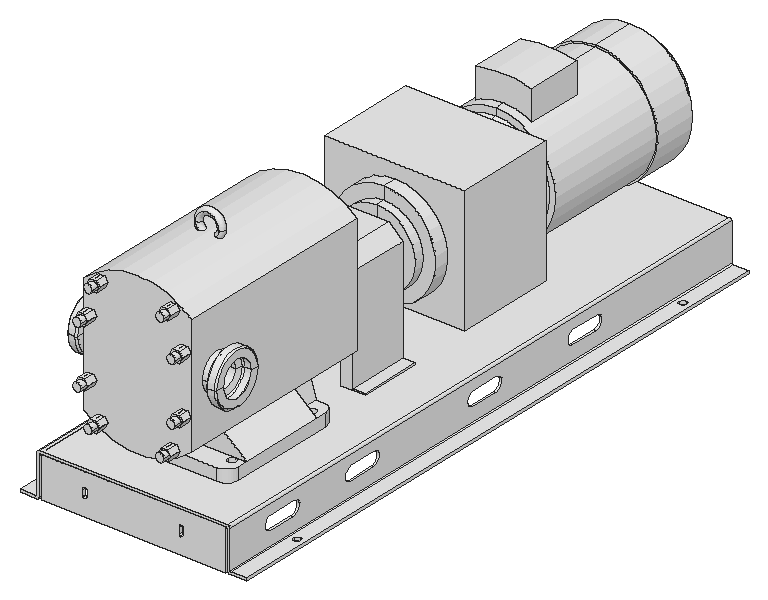
Revit family "MLP 80 - MR472 - Lobe Pump", category Specialty Equipment, Revit 2022
Family settings
  Round Connector Dimension = Use Diameter
  Part Type = Normal
  Work Plane-Based = No
  Always vertical = Yes
  Cut with Voids When Loaded = No
  Maintain Annotation Orientation = No
  Shared = No
  Room Calculation Point = No
Parameters (values of type "MLP 80 - MR472")
  URL = "https://en.ekinendustriyel.com/lobe-pumps/lobe-pumps"
  Pressure = 15.0 bar  # constant formula
  Motor Power = 15 kW  # constant formula
  Model = "MLP-80-TUL - MR472"
  Manufacturer = "Ekin Endüstriyel"
  Keynote = "Lobe Pump"
  Flow = 40.0 m³/h  # constant formula
  Description = "MIT MLP 80 - Lobe Pump"
  Default Elevation = 0 mm
Reference planes
  plane 1 "Center (Front/Back)": y = 0
  plane 2: z = 0
  plane 3 "Center (Left/Right)": x = -884.748
Forms (mm)
  Extrusion 1, solid, material "Ekin Endüstriyel_StainlesSteel"
    sketch origin (0, 0, 0) x (1, 0, 0) y (0, 0, 1)
      loop
        line (-996.247, 346.711) -> (-996.247, 101.086)
        arc (-996.247, 101.086) -> (-884.747, 58.329) -> (-773.247, 101.086) r 166.761
        line (-773.247, 101.086) -> (-773.247, 346.711)
        arc (-773.247, 346.711) -> (-884.747, 390.131) -> (-996.247, 346.711) r 164.871
    from 0 to -428.2
  Sweep 2, solid, material "Ekin Endüstriyel_StainlesSteel"
    path origin (0, 0, 0) x (1, 0, 0) y (0, 0, 1)
      loop
        circle (-884.748, 403.317) r 30.936
    profile origin (-884.748, 0, 372.381) x (0, 0, 1) y (0, -1, 0)
      loop
        circle (7, -188.264) r 7
  Extrusion 3, solid, material "Ekin Endüstriyel_StainlesSteel", detail levels coarse
    sketch origin (-884.748, 0, 0) x (0, 1, 0) y (0, 0, 1)
      loop
        circle (65.098, 223.898) r 55
    from 111.501 to 154.598
  Extrusion 4, solid, material "Ekin Endüstriyel_StainlesSteel", detail levels medium
    sketch origin (-884.748, 0, 0) x (0, 1, 0) y (0, 0, 1)
      loop
        circle (65.098, 223.898) r 55
      loop
        circle (65.098, 223.898) r 36
    from 111.501 to 154.598
  Revolve 5, solid, material "Ekin Endüstriyel_StainlesSteel", detail levels fine
    sketch origin (0, 0, 223.898) x (1, 0, 0) y (0, 1, 0)
      loop
        line (-730.15, 117.063) -> (-733.185, 120.098) -> (-747.257, 120.098) -> (-750.763, 117.156) -> (-752.708, 106.124)
        arc (-752.708, 106.124) -> (-753.905, 104.051) -> (-756.155, 103.232) r 3.5
        line (-756.155, 103.232) -> (-773.247, 103.232) -> (-773.247, 90.657) -> (-753.574, 90.657) -> (-750.765, 101.923) -> (-747.147, 104.012) -> (-733.289, 104.012) -> (-730.15, 101.814) -> (-730.15, 117.063)
      axis (-773.247, 65.098) -> (-730.15, 65.098)
    angle from 0 to 360
  Extrusion 6, solid, material "Ekin Endüstriyel_StainlesSteel"
    sketch origin (0, 0, 0) x (1, 0, 0) y (0, 1, 0)
      loop
        line (-976.497, 91.114) -> (-792.997, 91.114)
        arc (-792.997, 91.114) -> (-775.32, 98.437) -> (-767.997, 116.114) r 25
        line (-767.997, 116.114) -> (-767.997, 341.114)
        arc (-767.997, 341.114) -> (-775.32, 358.792) -> (-792.997, 366.114) r 25
        line (-792.997, 366.114) -> (-976.497, 366.114)
        arc (-976.497, 366.114) -> (-994.175, 358.792) -> (-1001.497, 341.114) r 25
        line (-1001.497, 341.114) -> (-1001.497, 116.114)
        arc (-1001.497, 116.114) -> (-994.175, 98.437) -> (-976.497, 91.114) r 25
    from 0 to 25.35
  Extrusion 7, solid, material "Ekin Endüstriyel_StainlesSteel"
    sketch origin (0, 0, 0) x (1, 0, 0) y (0, 0, 1)
      loop
        line (-1001.497, 25.35) -> (-767.997, 25.35) -> (-823.241, 70.086)
        arc (-823.241, 70.086) -> (-884.747, 58.329) -> (-946.253, 70.086) r 166.761
        line (-946.253, 70.086) -> (-1001.497, 25.35)
    from -319.675 to -135.888
  Extrusion 8, solid, material "Ekin Endüstriyel_StainlesSteel"
    sketch origin (0, 0, 0) x (1, 0, 0) y (0, 0, 1)
      loop
        line (-807.997, 25.35) -> (-820.094, 67.537) -> (-823.241, 70.086)
        arc (-823.241, 70.086) -> (-884.747, 58.329) -> (-946.253, 70.086) r 166.761
        line (-946.253, 70.086) -> (-949.4, 67.537) -> (-961.497, 25.35) -> (-807.997, 25.35)
    from -366.114 to -173.027
  Extrusion 9, void
    sketch origin (0, 0, 0) x (1, 0, 0) y (0, 1, 0)
      loop
        circle (-981.247, 124.701) r 9
      loop
        circle (-981.247, 332.528) r 9
      loop
        circle (-788.249, 124.701) r 9
      loop
        circle (-788.249, 332.528) r 9
    from 0 to 39.733
  Extrusion 10, solid, material "Ekin Endüstriyel_StainlesSteel", detail levels coarse
    sketch origin (-884.748, 0, 0) x (0, 1, 0) y (0, 0, -1)
      loop
        circle (65.098, -223.898) r 55
    from 111.501 to 154.598
  Extrusion 11, solid, material "Ekin Endüstriyel_StainlesSteel", detail levels medium
    sketch origin (-884.748, 0, 0) x (0, 1, 0) y (0, 0, -1)
      loop
        circle (65.098, -223.898) r 55
      loop
        circle (65.098, -223.898) r 36
    from 111.501 to 154.598
  Revolve 12, solid, material "Ekin Endüstriyel_StainlesSteel", detail levels fine
    sketch origin (-1769.496, 0, 223.898) x (-1, 0, 0) y (0, -1, 0)
      loop
        line (-730.15, -117.063) -> (-730.15, -101.814) -> (-733.289, -104.012) -> (-747.147, -104.012) -> (-750.765, -101.923) -> (-753.574, -90.657) -> (-773.247, -90.657) -> (-773.247, -103.232) -> (-756.155, -103.232)
        arc (-756.155, -103.232) -> (-753.905, -104.051) -> (-752.708, -106.124) r 3.5
        line (-752.708, -106.124) -> (-750.763, -117.156) -> (-747.257, -120.098) -> (-733.185, -120.098) -> (-730.15, -117.063)
      axis (-773.247, -65.098) -> (-730.15, -65.098)
    angle from 0 to 360
  Extrusion 13, solid, material "Ekin Endüstriyel_StainlesSteel", detail levels medium+fine
    sketch origin (0, 0, 0) x (1, 0, 0) y (0, 0, 1)
      loop
        line (-946.565, 354.5) -> (-952.906, 365.484) -> (-965.589, 365.484) -> (-971.931, 354.5) -> (-965.589, 343.517) -> (-952.906, 343.517) -> (-946.565, 354.5)
      loop
        line (-969.741, 283.984) -> (-976.083, 294.968) -> (-988.766, 294.968) -> (-995.107, 283.984) -> (-988.766, 273) -> (-976.083, 273) -> (-969.741, 283.984)
      loop
        circle (-959.257, 354.516) r 8.514
      loop
        circle (-982.434, 284) r 8.514
      loop
        line (-822.931, 354.5) -> (-816.59, 343.517) -> (-803.907, 343.517) -> (-797.565, 354.5) -> (-803.907, 365.484) -> (-816.59, 365.484) -> (-822.931, 354.5)
      loop
        line (-799.755, 283.984) -> (-793.413, 273) -> (-780.73, 273) -> (-774.389, 283.984) -> (-780.73, 294.968) -> (-793.413, 294.968) -> (-799.755, 283.984)
      loop
        circle (-810.238, 354.516) r 8.514
      loop
        circle (-787.062, 284) r 8.514
      loop
        line (-946.565, 93.296) -> (-952.906, 104.28) -> (-965.589, 104.28) -> (-971.931, 93.296) -> (-965.589, 82.313) -> (-952.906, 82.313) -> (-946.565, 93.296)
      loop
        line (-969.741, 163.813) -> (-976.083, 174.797) -> (-988.766, 174.797) -> (-995.107, 163.813) -> (-988.766, 152.829) -> (-976.083, 152.829) -> (-969.741, 163.813)
      loop
        circle (-959.257, 93.281) r 8.514
      loop
        circle (-982.434, 163.797) r 8.514
      loop
        line (-822.931, 93.296) -> (-816.59, 82.313) -> (-803.907, 82.313) -> (-797.565, 93.296) -> (-803.907, 104.28) -> (-816.59, 104.28) -> (-822.931, 93.296)
      loop
        line (-799.755, 163.813) -> (-793.413, 152.829) -> (-780.73, 152.829) -> (-774.389, 163.813) -> (-780.73, 174.797) -> (-793.413, 174.797) -> (-799.755, 163.813)
      loop
        circle (-810.238, 93.281) r 8.514
      loop
        circle (-787.062, 163.797) r 8.514
    from 0 to 21.863
  Extrusion 14, solid, material "Ekin Endüstriyel_StainlesSteel"
    sketch origin (0, 0, 0) x (1, 0, 0) y (0, 0, 1)
      loop
        circle (-959.257, 354.516) r 8.514
      loop
        circle (-982.434, 284) r 8.514
      loop
        circle (-810.238, 354.516) r 8.514
      loop
        circle (-787.062, 284) r 8.514
      loop
        circle (-959.257, 93.281) r 8.514
      loop
        circle (-982.434, 163.797) r 8.514
      loop
        circle (-810.238, 93.281) r 8.514
      loop
        circle (-787.062, 163.797) r 8.514
    from 0 to 34.94
  Extrusion 15, solid, material "Ekin Endüstriyel_StainlesSteel"
    sketch origin (0, 428.2, 0) x (-1, 0, 0) y (0, 0, 1)
      loop
        circle (884.93, 164.108) r 21
    from 0 to 75.746
  Extrusion 16, solid, material "Ekin Endüstriyel_StainlesSteel", detail levels medium+fine
    sketch origin (-884.754, 277.832, 0) x (-1, 0, 0) y (0, 0, 1)
      loop
        line (234.987, -85) -> (201.994, -85)
        arc (201.994, -85) -> (200.58, -84.414) -> (199.994, -83) r 2
        line (199.994, -83) -> (199.994, -5)
        arc (199.994, -5) -> (198.53, -1.464) -> (194.994, 0) r 5
        line (194.994, 0) -> (-195.006, 0)
        arc (-195.006, 0) -> (-198.541, -1.464) -> (-200.006, -5) r 5
        line (-200.006, -5) -> (-200.006, -83)
        arc (-200.006, -83) -> (-200.592, -84.414) -> (-202.006, -85) r 2
        line (-202.006, -85) -> (-235.013, -85) -> (-235.013, -90) -> (-200.006, -90)
        arc (-200.006, -90) -> (-196.47, -88.536) -> (-195.006, -85) r 5
        line (-195.006, -85) -> (-195.006, -7)
        arc (-195.006, -7) -> (-194.42, -5.586) -> (-193.006, -5) r 2
        line (-193.006, -5) -> (192.994, -5)
        arc (192.994, -5) -> (194.408, -5.586) -> (194.994, -7) r 2
        line (194.994, -7) -> (194.994, -85)
        arc (194.994, -85) -> (196.459, -88.536) -> (199.994, -90) r 5
        line (199.994, -90) -> (234.987, -90) -> (234.987, -85)
    from -288.321 to 1011.679
  Extrusion 17, void
    sketch origin (-684.748, 277.832, -5) x (0, 0, -1) y (0, 1, 0)
      loop
        line (20, -123.321) -> (20, -183.321)
        arc (20, -183.321) -> (35, -198.321) -> (50, -183.321) r 15
        line (50, -183.321) -> (50, -123.321)
        arc (50, -123.321) -> (35, -108.321) -> (20, -123.321) r 15
      loop
        arc (20, 24.679) -> (35, 9.679) -> (50, 24.679) r 15
        line (50, 24.679) -> (50, 84.679)
        arc (50, 84.679) -> (35, 99.679) -> (20, 84.679) r 15
        line (20, 84.679) -> (20, 24.679)
      loop
        line (20, 401.579) -> (20, 341.579)
        arc (20, 341.579) -> (35, 326.579) -> (50, 341.579) r 15
        line (50, 341.579) -> (50, 401.579)
        arc (50, 401.579) -> (35, 416.579) -> (20, 401.579) r 15
      loop
        arc (20, 601.579) -> (35, 586.579) -> (50, 601.579) r 15
        line (50, 601.579) -> (50, 661.579)
        arc (50, 661.579) -> (35, 676.579) -> (20, 661.579) r 15
        line (20, 661.579) -> (20, 601.579)
    from 0 to -400
  Extrusion 18, solid, material "Ekin Endüstriyel_StainlesSteel", detail levels medium+fine
    sketch origin (-884.754, 924.582, 0) x (1, 0, 0) y (0, 0, 1)
      loop
        line (-190.994, -90) -> (191.006, -90) -> (191.006, -5) -> (-190.994, -5) -> (-190.994, -90)
      loop
        arc (-94.994, -39) -> (-99.994, -34) -> (-104.994, -39) r 5
        line (-104.994, -39) -> (-104.994, -51)
        arc (-104.994, -51) -> (-99.994, -56) -> (-94.994, -51) r 5
        line (-94.994, -51) -> (-94.994, -39)
      loop
        arc (105.006, -39) -> (100.006, -34) -> (95.006, -39) r 5
        line (95.006, -39) -> (95.006, -51)
        arc (95.006, -51) -> (100.006, -56) -> (105.006, -51) r 5
        line (105.006, -51) -> (105.006, -39)
    from -360.223 to -364.929
  Extrusion 19, void
    sketch origin (-884.754, 277.832, 0) x (0, 1, 0) y (-1, 0, 0)
      loop
        circle (861.856, 220.932) r 7.5
      loop
        circle (-138.144, 220.932) r 7.5
      loop
        circle (-138.457, -219.068) r 7.5
      loop
        circle (861.856, -219.068) r 7.5
    from -90 to -57
  Extrusion 20, solid, material "Ekin Endüstriyel_StainlesSteel", detail levels coarse
    sketch origin (-884.754, 277.832, 0) x (0, 1, 0) y (-1, 0, 0)
      loop
        line (-288.321, -235.006) -> (1011.802, -235.006) -> (1011.802, 234.994) -> (-288.321, 234.994) -> (-288.321, -235.006)
    from 0 to -90
  Extrusion 21, solid, material "Ekin Endüstriyel_StainlesSteel", detail levels medium+fine
    sketch origin (-884.754, 424.707, 0) x (-1, 0, 0) y (0, 0, 1)
      loop
        line (-75.552, 220.119) -> (-75.552, 3) -> (-102, 3) -> (-102, 0) -> (-50.552, 0) -> (-50.552, 209.763) -> (-38.133, 222.182) -> (38.136, 222.182) -> (50.554, 209.763) -> (50.554, 0) -> (102, 0) -> (102, 3) -> (75.554, 3) -> (75.554, 220.119) -> (48.323, 247.349) -> (-48.321, 247.349) -> (-75.552, 220.119)
    from 38.553 to 167.216
  Extrusion 22, solid, material "Ekin Endüstriyel_StainlesSteel", detail levels coarse
    sketch origin (-884.754, 297.832, 0) x (-1, 0, 0) y (0, 0, 1)
      loop
        line (-144.074, 44.898) -> (-144.074, 0) -> (145.988, 0) -> (145.988, 44.898) -> (-144.074, 44.898)
    from 331.032 to 641.679
  Extrusion 23, solid, material "Ekin Endüstriyel_StainlesSteel", detail levels coarse
    sketch origin (-884.754, 424.707, 0) x (-1, 0, 0) y (0, 0, 1)
      loop
        line (-75.552, 220.119) -> (-75.552, 0) -> (75.554, 0) -> (75.554, 220.119) -> (48.323, 247.349) -> (-48.321, 247.349) -> (-75.552, 220.119)
    from 38.553 to 167.216
  Extrusion 24, solid, material "Ekin Endüstriyel_StainlesSteel", detail levels coarse
    sketch origin (-884.754, 360.589, 26.574) x (-1, 0, 0) y (0, 0, 1)
      loop
        circle (-0.006, 142.78) r 128.5
    from 517.998 to 953.31
  Extrusion 25, solid, material "Ekin Endüstriyel_StainlesSteel", detail levels medium+fine
    sketch origin (-884.754, 297.832, 0) x (-1, 0, 0) y (0, 0, 1)
      loop
        line (-144.074, 44.898) -> (145.988, 44.898) -> (145.988, 305.653) -> (-144.074, 305.653) -> (-144.074, 44.898)
    from 369.859 to 580.755
  Revolve 26, solid, material "Ekin Endüstriyel_StainlesSteel", detail levels medium+fine
    sketch origin (-884.366, 381.059, 99.574) x (0, 0, -1) y (0, 1, 0)
      loop
        line (-69.754, 932.839) -> (-160.8, 932.839) -> (-197.944, 895.695) -> (-197.944, 806.332) -> (-194.23, 806.332) -> (-194.23, 547.083) -> (-180.578, 547.083) -> (-175.707, 534.21) -> (-164.853, 534.21) -> (-164.853, 511.675) -> (-194.994, 511.675) -> (-194.994, 497.528) -> (-69.754, 497.528) -> (-69.754, 932.839)
      loop
        line (-176.417, 257.721) -> (-150.179, 257.721) -> (-150.179, 238.625) -> (-117.929, 238.625) -> (-117.929, 229.612) -> (-105.248, 229.612) -> (-105.248, 210.864) -> (-69.754, 210.864) -> (-69.754, 286.632) -> (-177.783, 286.632) -> (-176.417, 257.721)
      axis (-69.754, 210.864) -> (-69.754, 932.839)
    angle from 0 to 360
  Extrusion 27, solid, material "Ekin Endüstriyel_StainlesSteel", detail levels medium+fine
    sketch origin (-884.366, 1313.898, 226.225) x (-1, 0, 0) y (0, 0, 1)
      loop
        line (-58.118, 40.981) -> (58.728, 40.981) -> (58.728, 115.45)
        arc (58.728, 115.45) -> (0.298, 121.922) -> (-58.118, 115.32) r 264.363
        line (-58.118, 115.32) -> (-58.118, 40.981)
    from -364.529 to -248.65
  Extrusion 28, solid, material "Ekin Endüstriyel_StainlesSteel", detail levels coarse
    sketch origin (-814.754, 297.832, 34) x (-1, 0, 0) y (0, -1, 0)
      loop
        line (215.988, -580.755) -> (215.988, -294.091) -> (-74.074, -294.091) -> (-74.074, -580.755) -> (215.988, -580.755)
    from 10.898 to 271.653
  Extrusion 29, solid, material "Ekin Endüstriyel_StainlesSteel", detail levels medium+fine
    sketch origin (-884.754, 59.582, 0) x (1, 0, 0) y (0, 0, 1)
      loop
        line (-190.994, -90) -> (191.006, -90) -> (191.006, -5) -> (-190.994, -5) -> (-190.994, -90)
      loop
        arc (-94.994, -39) -> (-99.994, -34) -> (-104.994, -39) r 5
        line (-104.994, -39) -> (-104.994, -51)
        arc (-104.994, -51) -> (-99.994, -56) -> (-94.994, -51) r 5
        line (-94.994, -51) -> (-94.994, -39)
      loop
        arc (105.006, -39) -> (100.006, -34) -> (95.006, -39) r 5
        line (95.006, -39) -> (95.006, -51)
        arc (95.006, -51) -> (100.006, -56) -> (105.006, -51) r 5
        line (105.006, -51) -> (105.006, -39)
    from 70.071 to 65.071
Cuts and joins
  joined: Extrusion 1, Sweep 2
  joined: Extrusion 7, Extrusion 8
  Extrusion 9 cuts Extrusion 6
  Extrusion 17, Extrusion 19 cuts Extrusion 16
  joined: Revolve 26, Extrusion 27
Dimensions and locks
  aligned and locked: level to plane 2
Connectors
  piping at (-730.15, 65.098, 223.898), diameter 101.6
    settings: on Extrusion 3, index 1, connector inside diameter 609.6 mm, connector length 0 mm, flow factor 0, pipe flow 0.0 m³/h, pressure drop 0.0 bar, fitting loss kfactor 0, connector angle 0.00°, fixture units 0, engagement length 0 mm, angle of deflection 0.00°, flow configuration 0, flow direction 0, fitting loss method 0, system type 7, joint type 0, gender type 0, connector reference index -1, connector utility 0, adjustable connector no, is connector primary yes, connector description ""
  piping at (-1039.346, 65.098, 223.898), diameter 101.6
    settings: on Extrusion 10, index 2, connector inside diameter 609.6 mm, connector length 0 mm, flow factor 0, pipe flow 0.0 m³/h, pressure drop 0.0 bar, fitting loss kfactor 0, connector angle 0.00°, fixture units 0, engagement length 0 mm, angle of deflection 0.00°, flow configuration 0, flow direction 0, fitting loss method 0, system type 7, joint type 0, gender type 0, connector reference index -1, connector utility 0, adjustable connector no, is connector primary no, connector description ""
